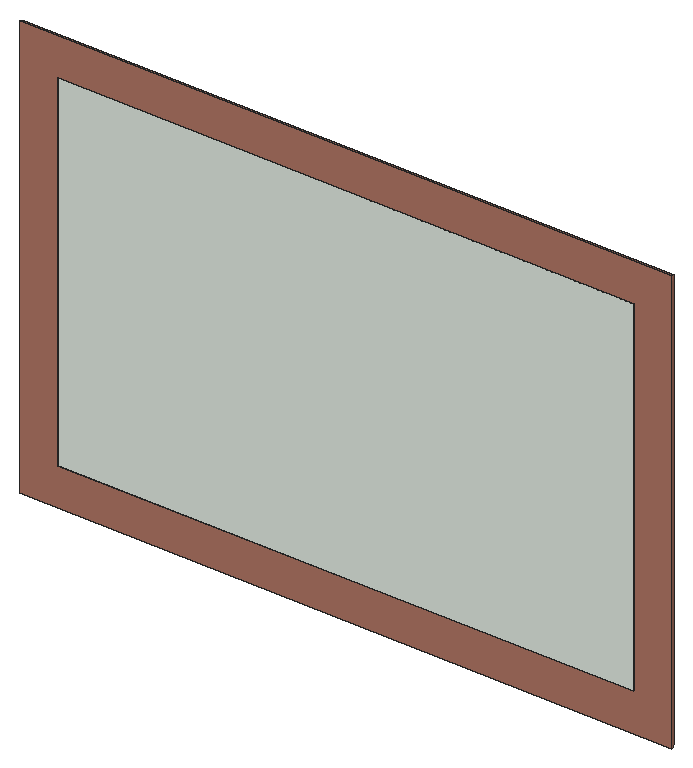
Revit family
Reference planes (in)
  plane 1: y = 0
  plane 2 "Center (Left/Right)": x = 0
  plane 3 "Wall Edge": y = 4
Forms (in)
  Extrusion 1, solid, material "becks mirror"
    sketch origin (0, 4, 83.83845) x (1, 0, 0) y (0, 0, -1)
      loop
        line (21.97092, -9.16155) -> (21.97092, 13.74343) -> (-16.02908, 13.74343) -> (-16.02908, -9.16155) -> (21.97092, -9.16155)
    from 0 to 1
  Sweep 2, solid, material "becks frame"
    path in 3D
      loop
        line (-16.02908, 4, 93) -> (-16.02908, 4, 70.09502) -> (21.97092, 4, 70.09502) -> (21.97092, 4, 93) -> (-16.02908, 4, 93)
    profile origin (2.97092, 4, 93) x (0, -1, 0) y (0, 0, 1)
      loop
        line (0, 0) -> (0, 2.5)
        arc (0, 2.5) -> (-0.35883, 2.2903) -> (-0.375, 1.875) r 0.43225
        arc (-0.375, 1.875) -> (-0.39117, 1.4597) -> (-0.75, 1.25) r 0.43225
        arc (-0.75, 1.25) -> (-1.46767, 0.8306) -> (-1.5, 0) r 0.86451
        line (-1.5, 0) -> (0, 0)
Lines and regions (in)
  sketch lines
    curve 1: line (21.97092, 4, 93) -> (-16.02908, 4, 93)
    curve 2: line (-16.02908, 4, 93) -> (-16.02908, 4, 70.09502)
    curve 3: line (21.97092, 4, 70.09502) -> (21.97092, 4, 93)
    curve 4: line (-16.02908, 4, 70.09502) -> (21.97092, 4, 70.09502)
Text (in)
  text "Placement Side" at (0, 40.15149, 123.01588), in view "Right"
  text "Placement Side" at (-70.3804, 28.46503, 0), in view "Ref. Level"
  text "Placement Side" at (0, 81.62555, 140.59947), in view "Left"
Dimensions and locks (in)
  locked: plane 3 "Wall Edge" to host wall
